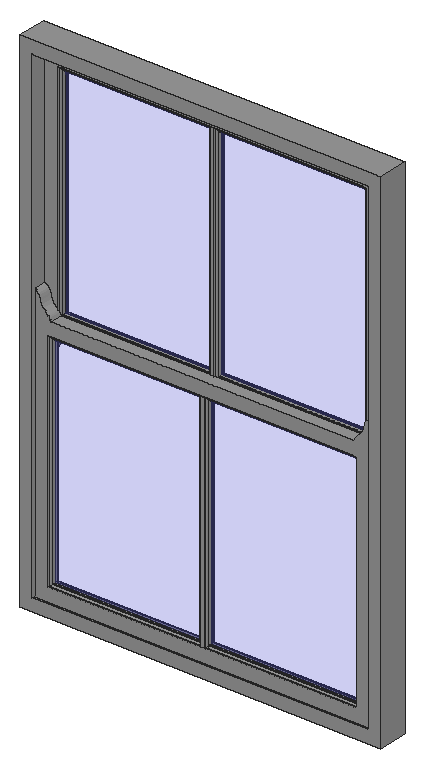
Revit family "HMS5V", category Windows, host Wall, Revit 2015
Parameters (values of type "HMS5V")
  Height = 1775 mm
  Default Lintel Height = 2100 mm
  Wall Closure = By host
  Width = 1250 mm
Reference planes
  plane 1 "Center (Front/Back)": y = 0
  plane 2 "Center (Left/Right)": x = 0
  plane 3 "Left": x = -625
  plane 4 "Right": x = 625
  plane 5 "Sill": z = 325
  plane 6 "Head": z = 2100
  plane 7 "Exterior": y = 100
  plane 8 "Interior": y = -100
  plane 9: y = -28.5
  plane 10: y = 23.5
  plane 11: z = 1212.5
  plane 12: z = 1241
  plane 13: z = 1184
Forms (mm)
  Sweep 1, solid, material "Lauan, Meranti"
    path origin (-10500, 23.5, 2100) x (0, 0, -1) y (-1, 0, 0)
      loop
        line (0, -11125) -> (1775, -11125) -> (1775, -9875) -> (0, -9875) -> (0, -11125)
    profile origin (0, 23.5, 2100) x (0, 0, 1) y (0, 1, 0)
      loop
        line (0, 29) -> (-42, 29) -> (-42, -76) -> (0, -76) -> (0, 29)
  Extrusion 2, solid, material "Lauan, Meranti"
    sketch origin (-10500, 0, 1675) x (0, 0, -1) y (-1, 0, 0)
      loop
        line (491, -11026) -> (491, -11083) -> (576, -11083)
        spline (576, -11083) -> (568.022, -11070.331) -> (558.494, -11063.581) -> (548.752, -11060.386) -> (540.116, -11058.399) -> (533.202, -11056.197) -> (527.644, -11053.636) -> (523.005, -11050.669) -> (518.783, -11047.149) -> (514.297, -11042.644) -> (508.83, -11036.691) -> (501.472, -11030.147) -> (491, -11026)
      loop
        spline (491, -9974) -> (501.472, -9969.853) -> (508.83, -9963.309) -> (514.297, -9957.356) -> (518.783, -9952.851) -> (523.005, -9949.331) -> (527.644, -9946.364) -> (533.202, -9943.803) -> (540.116, -9941.601) -> (548.752, -9939.614) -> (558.494, -9936.419) -> (568.022, -9929.669) -> (576, -9917)
        line (576, -9917) -> (491, -9917) -> (491, -9974)
    from 0 to 42
  Extrusion 3, solid, material "Lauan, Meranti"
    sketch origin (-10500, -42, 750) x (0, 0, 1) y (1, 0, 0)
      loop
        spline (491, 11026) -> (501.472, 11030.147) -> (508.83, 11036.691) -> (514.297, 11042.644) -> (518.783, 11047.149) -> (523.005, 11050.669) -> (527.644, 11053.636) -> (533.202, 11056.197) -> (540.116, 11058.399) -> (548.752, 11060.386) -> (558.494, 11063.581) -> (568.022, 11070.331) -> (576, 11083)
        line (576, 11083) -> (491, 11083) -> (491, 11026)
      loop
        line (491, 9974) -> (491, 9917) -> (576, 9917)
        spline (576, 9917) -> (568.022, 9929.669) -> (558.494, 9936.419) -> (548.752, 9939.614) -> (540.116, 9941.601) -> (533.202, 9943.803) -> (527.644, 9946.364) -> (523.005, 9949.331) -> (518.783, 9952.851) -> (514.297, 9957.356) -> (508.83, 9963.309) -> (501.472, 9969.853) -> (491, 9974)
    from 0 to 42
  Sweep 4, solid, material "Lauan, Meranti"
    path origin (-10670.807, 23.5, 1358.046) x (0, 0, -1) y (-1, 0, 0)
      loop
        line (117.046, -11253.807) -> (991.046, -11253.807) -> (991.046, -10087.807) -> (117.046, -10087.807) -> (117.046, -11253.807)
    profile origin (0, 23.5, 1241) x (0, 0, 1) y (0, 1, 0)
      loop
        line (0, -65.5) -> (0, -23.5) -> (-48, -23.5) -> (-48, -48.5) -> (-57, -48.5) -> (-57, -56.499) -> (-53.996, -56.499)
        arc (-53.996, -56.499) -> (-52.238, -60.744) -> (-47.994, -62.502) r 6.002
        line (-47.994, -62.502) -> (-47.994, -65.5) -> (0, -65.5)
  Sweep 5, solid, material "Lauan, Meranti"
    path origin (-10671.629, 23.5, 1894.103) x (0, 0, -1) y (-1, 0, 0)
      loop
        line (-163.897, -11254.629) -> (710.103, -11254.629) -> (710.103, -10088.629) -> (-163.897, -10088.629) -> (-163.897, -11254.629)
    profile origin (0, 23.5, 2058) x (0, 0, 1) y (0, 1, 0)
      loop
        line (-48, 18.5) -> (-48, -6.5) -> (-57, -6.5) -> (-57, -14.499) -> (-53.996, -14.499)
        arc (-53.996, -14.499) -> (-52.238, -18.744) -> (-47.994, -20.502) r 6.002
        line (-47.994, -20.502) -> (-47.994, -23.5) -> (0, -23.5) -> (0, 18.5) -> (-48, 18.5)
  Extrusion 6, solid, material "Lauan, Meranti"
    sketch origin (0, -23.5, -464.994) x (1, 0, 0) y (0, 1, 0)
      loop
        line (-6.5, 23.5) -> (-6.5, -1.5) -> (-15.5, -1.5) -> (-15.5, -9.5) -> (-12.5, -9.5)
        arc (-12.5, -9.5) -> (-10.743, -13.743) -> (-6.5, -15.5) r 6
        line (-6.5, -15.5) -> (-6.5, -18.5) -> (6.5, -18.5) -> (6.5, -15.5)
        arc (6.5, -15.5) -> (10.743, -13.743) -> (12.5, -9.5) r 6
        line (12.5, -9.5) -> (15.5, -9.5) -> (15.5, -1.5) -> (6.5, -1.5) -> (6.5, 23.5) -> (-6.5, 23.5)
    from 879.987 to 1658
  Extrusion 7, solid, material "Lauan, Meranti"
    sketch origin (0, 18.5, 42) x (1, 0, 0) y (0, 1, 0)
      loop
        line (-6.5, 23.5) -> (-6.5, -1.5) -> (-15.5, -1.5) -> (-15.5, -9.5) -> (-12.5, -9.5)
        arc (-12.5, -9.5) -> (-10.743, -13.743) -> (-6.5, -15.5) r 6
        line (-6.5, -15.5) -> (-6.5, -18.5) -> (6.5, -18.5) -> (6.5, -15.5)
        arc (6.5, -15.5) -> (10.743, -13.743) -> (12.5, -9.5) r 6
        line (12.5, -9.5) -> (15.5, -9.5) -> (15.5, -1.5) -> (6.5, -1.5) -> (6.5, 23.5) -> (-6.5, 23.5)
    from 1190 to 1968
  Sweep 8, solid, material "Lauan, Meranti"
    path origin (-463.766, 100, -560.916) x (1, 0, 0) y (0, 0, 1)
      loop
        line (457.266, 2570.916) -> (-71.234, 2570.916) -> (-71.234, 1792.916) -> (457.266, 1792.916) -> (457.266, 2570.916)
    profile origin (-270.75, 100, 2010) x (0, 0, -1) y (0, -1, 0)
      loop
        arc (0, 68.6) -> (4.67, 70.234) -> (7, 74.6) r 6.807
        line (7, 74.6) -> (9, 74.6) -> (9, 76.6) -> (0, 76.6) -> (0, 68.6)
  Sweep 9, solid, material "Lauan, Meranti"
    path origin (-355.883, 100, -1134.948) x (1, 0, 0) y (0, 0, 1)
      loop
        line (349.383, 2327.954) -> (-179.123, 2327.954) -> (-179.123, 1549.942) -> (349.383, 1549.942) -> (349.383, 2327.954)
    profile origin (-270.753, 100, 1193.006) x (0, 0, -1) y (0, -1, 0)
      loop
        arc (0, 110.6) -> (4.67, 112.234) -> (7, 116.6) r 6.807
        line (7, 116.6) -> (9, 116.6) -> (9, 118.6) -> (0, 118.6) -> (0, 110.6)
  Sweep 10, solid, material "Lauan, Meranti"
    path origin (463.766, 100, -560.916) x (-1, 0, 0) y (0, 0, -1)
      loop
        line (457.266, -2570.916) -> (457.266, -1792.916) -> (-71.234, -1792.916) -> (-71.234, -2570.916) -> (457.266, -2570.916)
    profile origin (270.75, 100, 2010) x (0, 0, 1) y (0, -1, 0)
      loop
        line (0, 68.6) -> (0, 76.6) -> (-9, 76.6) -> (-9, 74.6) -> (-7, 74.6)
        arc (-7, 74.6) -> (-4.67, 70.234) -> (0, 68.6) r 6.807
  Sweep 11, solid, material "Lauan, Meranti"
    path origin (355.883, 100, -1134.948) x (-1, 0, 0) y (0, 0, -1)
      loop
        line (349.383, -2327.954) -> (349.383, -1549.942) -> (-179.123, -1549.942) -> (-179.123, -2327.954) -> (349.383, -2327.954)
    profile origin (270.753, 100, 1193.006) x (0, 0, 1) y (0, -1, 0)
      loop
        line (0, 110.6) -> (0, 118.6) -> (-9, 118.6) -> (-9, 116.6) -> (-7, 116.6)
        arc (-7, 116.6) -> (-4.67, 112.234) -> (0, 110.6) r 6.807
  Extrusion 12, solid, material "Glass"
    sketch origin (-10697.216, 17, 1835.091) x (0, 0, -1) y (-1, 0, 0)
      loop
        line (-174.909, -11232.216) -> (603.091, -11232.216) -> (603.091, -10703.716) -> (-174.909, -10703.716) -> (-174.909, -11232.216)
      loop
        line (-174.909, -10690.716) -> (603.091, -10690.716) -> (603.091, -10162.216) -> (-174.909, -10162.216) -> (-174.909, -10690.716)
    from 0 to 6.4
  Extrusion 13, solid, material "Glass"
    sketch origin (-10712.117, -25, 1057.245) x (0, 0, -1) y (-1, 0, 0)
      loop
        line (-135.762, -11247.123) -> (642.251, -11247.123) -> (642.251, -10718.617) -> (-135.762, -10718.617) -> (-135.762, -11247.123)
      loop
        line (-135.762, -10705.617) -> (642.251, -10705.617) -> (642.251, -10177.11) -> (-135.762, -10177.11) -> (-135.762, -10705.617)
    from 0 to 6.4
Cuts and joins
  joined: Extrusion 3, Sweep 4
  joined: Extrusion 2, Sweep 5
Lines and regions (mm)
  Opening 1
    outline origin (3500, -100, 0) x (1, 0, 0) y (0, 0, 1)
      loop
        line (-2875, 325) -> (-2875, 2100) -> (-4125, 2100) -> (-4125, 325) -> (-2875, 325)
  model lines
    curve 1: line (583, 42, 2058) -> (0, 42, 1184)
    curve 2: line (-583, 42, 2058) -> (0, 42, 1184)
Text (mm)
  text "EXTERIOR" at (-1963.203, 1332.353, 0), in view "Ref. Level"
  text "INTERIOR" at (-1981.466, -818.386, 0), in view "Ref. Level"
  text "Exterior" at (0, 923.751, 2943.296), in view "Right"
  text "Exterior" at (0, 1040.484, 2685.409), in view "Left"
Dimensions and locks
  equal spacing: plane 3 "Left", plane 2 "Center (Left/Right)", plane 4 "Right"
  "Width": plane 3 "Left" to plane 4 "Right"
  "Height": plane 5 "Sill" to plane 6 "Head"
  "Default Lintel Height": plane 6 "Head" to level
  locked: plane 7 "Exterior" to host wall at 0
  locked: plane 8 "Interior" to host wall
  locked: plane 10 to plane 9 at 52
  plane 3 "Left" to plane 4 "Right" = 1250 mm
  aligned and locked: Sweep 1 sketch curve to host wall  (x4)
  aligned and locked: Sweep 4 sketch curve to plane 12
  aligned and locked: plane 13 to Sweep 5 sketch curve
  aligned and locked: Sweep 9 sketch curve to Extrusion 6
  aligned and locked: Sweep 8 sketch curve to Extrusion 7
  aligned and locked: Extrusion 6 to cut or joined group of Extrusion 3, Sweep 4
  aligned and locked: Extrusion 7 to cut or joined group of Extrusion 2, Sweep 5
  aligned and locked: Sweep 8 sketch curve to cut or joined group of Extrusion 2, Sweep 5
  aligned and locked: cut or joined group of Extrusion 2, Sweep 5 to Sweep 10 sketch curve
  aligned and locked: Sweep 9 sketch curve to cut or joined group of Extrusion 3, Sweep 4
  aligned and locked: Sweep 11 sketch curve to cut or joined group of Extrusion 3, Sweep 4
  aligned and locked: Extrusion 12 sketch curve to Extrusion 12 sketch curve
  aligned and locked: Extrusion 13 sketch curve to Extrusion 13 sketch curve  (x2)
  aligned and locked: Extrusion 13 to cut or joined group of Extrusion 3, Sweep 4
  aligned and locked: Extrusion 12 to cut or joined group of Extrusion 2, Sweep 5
Automatic sketch dimensions
  plane 3 "Left" to Opening 1 sketch curve = 0 mm
  plane 4 "Right" to Opening 1 sketch curve = 0 mm
  Opening 1 sketch curve to plane 5 "Sill" = 0 mm
  Opening 1 sketch curve to plane 6 "Head" = 0 mm
  profile plane to Sweep 1 sketch curve = 0 mm
  profile plane to Sweep 1 sketch curve = 42 mm
  Sweep 1 sketch curve to plane 10 = 76 mm
  plane 10 to Sweep 1 sketch curve = 29 mm
  plane 2 "Center (Left/Right)" to curve 1 = 0 mm
  curve 1 to plane 13 = 0 mm
  curve 2 to plane 3 "Left" = 42 mm
  plane 4 "Right" to curve 1 = 42 mm
  plane 6 "Head" to curve 2 = 42 mm
  plane 6 "Head" to curve 1 = 42 mm
  Extrusion 2 sketch curve to plane 13 = 0 mm  (x2)
  Extrusion 2 sketch curve to plane 3 "Left" = 42 mm
  Extrusion 2 sketch curve to plane 13 = 85 mm  (x2)
  plane 4 "Right" to Extrusion 2 sketch curve = 42 mm
  Extrusion 2 sketch curve to Extrusion 2 sketch curve = 57 mm  (x2)
  Extrusion 3 sketch curve to plane 12 = 0 mm  (x2)
  Extrusion 3 sketch curve to plane 3 "Left" = 42 mm
  plane 12 to Extrusion 3 sketch curve = 85 mm  (x2)
  plane 4 "Right" to Extrusion 3 sketch curve = 42 mm
  Extrusion 3 sketch curve to Extrusion 3 sketch curve = 57 mm  (x2)
  Sweep 4 sketch curve to plane 5 "Sill" = 42 mm
  plane 4 "Right" to Sweep 4 sketch curve = 42 mm
  Sweep 4 sketch curve to plane 3 "Left" = 42 mm
  profile plane to Sweep 4 sketch curve = 0 mm
  Sweep 4 sketch curve to Sweep 4 sketch curve = 47.994 mm
  Sweep 4 sketch curve to Sweep 4 sketch curve = 0.006 mm
  Sweep 4 sketch curve to Sweep 4 sketch curve = 6.002 mm
  Sweep 4 sketch curve to Sweep 4 sketch curve = 3.004 mm
  Sweep 4 sketch curve to profile plane = 65.5 mm
  Sweep 4 sketch curve to Sweep 4 sketch curve = 2.998 mm
  Sweep 4 sketch curve to Sweep 4 sketch curve = 7.999 mm
  Sweep 4 sketch curve to profile plane = 23.5 mm
  plane 6 "Head" to Sweep 5 sketch curve = 42 mm
  plane 4 "Right" to Sweep 5 sketch curve = 42 mm
  Sweep 5 sketch curve to plane 3 "Left" = 42 mm
  profile plane to Sweep 5 sketch curve = 0 mm
  Sweep 5 sketch curve to profile plane = 23.5 mm
  profile plane to Sweep 5 sketch curve = 47.994 mm
  Sweep 5 sketch curve to Sweep 5 sketch curve = 0.006 mm
  Sweep 5 sketch curve to Sweep 5 sketch curve = 6.002 mm
  Sweep 5 sketch curve to Sweep 5 sketch curve = 3.004 mm
  Sweep 5 sketch curve to Sweep 5 sketch curve = 2.998 mm
  Sweep 5 sketch curve to profile plane = 6.5 mm
  profile plane to Sweep 5 sketch curve = 18.5 mm
  host wall to Extrusion 6 sketch curve = 0 mm
  Extrusion 6 sketch curve to plane 9 = 4.5 mm
  plane 2 "Center (Left/Right)" to Extrusion 6 sketch curve = 15.5 mm
  Extrusion 6 sketch curve to Extrusion 6 sketch curve = 3 mm  (x3)
  plane 2 "Center (Left/Right)" to Extrusion 6 sketch curve = 6.5 mm  (x2)
  Extrusion 6 sketch curve to plane 2 "Center (Left/Right)" = 6.5 mm  (x2)
  Extrusion 6 sketch curve to Extrusion 6 sketch curve = 6 mm
  plane 9 to Extrusion 6 sketch curve = 3.5 mm  (x2)
  Extrusion 6 sketch curve to plane 9 = 10.5 mm
  host wall to Extrusion 7 sketch curve = 0 mm
  plane 2 "Center (Left/Right)" to Extrusion 7 sketch curve = 15.5 mm
  Extrusion 7 sketch curve to Extrusion 7 sketch curve = 3 mm  (x3)
  plane 2 "Center (Left/Right)" to Extrusion 7 sketch curve = 6.5 mm  (x2)
  Extrusion 7 sketch curve to host wall = 3 mm
  Extrusion 7 sketch curve to plane 2 "Center (Left/Right)" = 6.5 mm  (x2)
  Extrusion 7 sketch curve to Extrusion 7 sketch curve = 6 mm
  Extrusion 7 sketch curve to plane 10 = 6.5 mm  (x2)
  plane 10 to Extrusion 7 sketch curve = 18.5 mm
  Sweep 8 sketch curve to plane 12 = 9 mm
  Sweep 8 sketch curve to plane 3 "Left" = 90 mm
  Sweep 8 sketch curve to profile plane = 0 mm
  Sweep 8 sketch curve to profile plane = 0.241 mm
  Sweep 8 sketch curve to Sweep 8 sketch curve = 6.759 mm
  Sweep 8 sketch curve to Sweep 8 sketch curve = 2 mm  (x2)
  profile plane to Sweep 8 sketch curve = 68.6 mm
  Sweep 8 sketch curve to Sweep 8 sketch curve = 6 mm
  Sweep 9 sketch curve to plane 3 "Left" = 89.994 mm
  plane 13 to Sweep 9 sketch curve = 9.006 mm
  Sweep 9 sketch curve to profile plane = 0 mm
  Sweep 9 sketch curve to profile plane = 0.241 mm
  Sweep 9 sketch curve to Sweep 9 sketch curve = 6.759 mm
  Sweep 9 sketch curve to Sweep 9 sketch curve = 2 mm  (x2)
  profile plane to Sweep 9 sketch curve = 110.6 mm
  Sweep 9 sketch curve to Sweep 9 sketch curve = 6 mm
  plane 4 "Right" to Sweep 10 sketch curve = 90 mm
  Sweep 10 sketch curve to plane 2 "Center (Left/Right)" = 6.5 mm
  Sweep 10 sketch curve to plane 12 = 9 mm
  profile plane to Sweep 10 sketch curve = 0 mm
  profile plane to Sweep 10 sketch curve = 0.241 mm
  Sweep 10 sketch curve to Sweep 10 sketch curve = 6.759 mm
  Sweep 10 sketch curve to Sweep 10 sketch curve = 2 mm  (x2)
  profile plane to Sweep 10 sketch curve = 68.6 mm
  Sweep 10 sketch curve to Sweep 10 sketch curve = 6 mm
  plane 13 to Sweep 11 sketch curve = 9.006 mm
  plane 4 "Right" to Sweep 11 sketch curve = 89.994 mm
  Sweep 11 sketch curve to plane 2 "Center (Left/Right)" = 6.5 mm
  profile plane to Sweep 11 sketch curve = 0 mm
  profile plane to Sweep 11 sketch curve = 0.241 mm
  Sweep 11 sketch curve to Sweep 11 sketch curve = 6.759 mm
  Sweep 11 sketch curve to Sweep 11 sketch curve = 2 mm  (x2)
  profile plane to Sweep 11 sketch curve = 110.6 mm
  Sweep 11 sketch curve to Sweep 11 sketch curve = 6 mm
  plane 4 "Right" to Extrusion 12 sketch curve = 90 mm
  plane 6 "Head" to Extrusion 12 sketch curve = 90 mm
  Extrusion 12 sketch curve to plane 12 = 9 mm  (x2)
  Extrusion 12 sketch curve to plane 2 "Center (Left/Right)" = 6.5 mm
  plane 2 "Center (Left/Right)" to Extrusion 12 sketch curve = 6.5 mm
  Extrusion 12 sketch curve to plane 3 "Left" = 90 mm
  plane 13 to Extrusion 13 sketch curve = 9.006 mm
  plane 4 "Right" to Extrusion 13 sketch curve = 89.994 mm
  Extrusion 13 sketch curve to plane 5 "Sill" = 89.994 mm
  Extrusion 13 sketch curve to plane 2 "Center (Left/Right)" = 6.5 mm
  plane 2 "Center (Left/Right)" to Extrusion 13 sketch curve = 6.5 mm
  Extrusion 13 sketch curve to plane 3 "Left" = 89.994 mm
